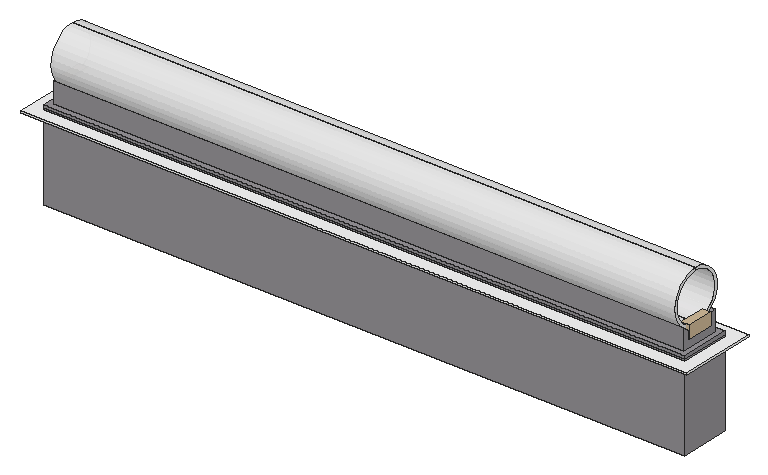
Revit family "Lighting_Fixture-Visa_Lighting-Voila_LED new", category Lighting Fixtures, host Face, Revit 2020
Family settings
  Host = Face
  Round Connector Dimension = Use Diameter
  Part Type = Normal
  OmniClass Number = 23.80.70.11
  OmniClass Title = Luminaries for Internal Lighting
  Cut with Voids When Loaded = No
  Light Source = Yes
  Shared = No
  Room Calculation Point = No
Parameters (values of type "Not a Type - Load Type Catalog")
  Width = 1' - 11 1/2"
  Wattage Comments = "25 W"
  Wattage = 25 W
  Warranty URL = "https://www.visalighting.com/company/warranty"
  built-in parameter 1150110 = 1 (stored number, unit not read)
  Voltage Comment = "120-277V, 50/60 Hz"  # constant formula
  Voltage = 120 V
  Version = "2020 – v1.0a"  # constant formula
  URL = "http://www.visalighting.com"
  built-in parameter 1114217 = 1 (stored number, unit not read)
  Tilt Angle = 180.00°  # constant formula
  built-in parameter 1150109 = 1 (stored number, unit not read)
  built-in parameter 1150134 = (empty or 0)
  built-in parameter 1150113 = 1 (stored number, unit not read)
  Recessed Depth = if(Constraints = 1, 0' 3 1/4", if(Constraints = 2, 0' 0", 0' 6"))  # 0' - 3 1/4"
  Product Page URL = "https://www.visalighting.com/products/indoor/ceiling/voila"
  Product Name = "Voila Wall"  # constant formula
  Product Documentation Link = "Please Load Accompanying Type Catalog (.txt)"
  Power Factor = 1  # constant formula
  Photometry Note = "Please load ies file listed under Photometric Web File for accurate rendering."  # constant formula
  Photometric Web File = "CV4167-L35K-L.ies"
  Phase = 1
  Number of Poles = 1
  Number of Lamps = 1  # constant formula
  Lens = Diffuser - VISA - Matte White
  Keynote = "26 51 00"
  Instruction Sheet Link = "Please Load Accompanying Type Catalog (.txt)"
  Depth = 0' - 2 5/8"
  Control = 0  # constant formula
  Constraints = 1
  C Mud Frame Size = 0' - 0 1/2"  # constant formula
  Mud Frame = if(Constraints = 1, 1 = 1, 1 = 0)  # yes
  Model = "Please Load Accompanying Type Catalog (.txt)"
  Material = ""
  Manufacturer Phone Number = "414-354-6600"  # constant formula
  Manufacturer Email = "https://www.visalighting.com/contact-visa-lighting"
  Manufacturer Address = "1717 W Civic Drive, Milwaukee, WI 53209"  # constant formula
  Manufacturer = "Visa Lighting"  # constant formula
  built-in parameter 1150105 = 87.535 (stored number, unit not read)
  Lumens = 1100 lm
  built-in parameter 1150115 = 1 (stored number, unit not read)
  built-in parameter 1150137 = (empty or 0)
  built-in parameter 1150139 = (empty or 0)
  built-in parameter 1150112 = 1 (stored number, unit not read)
  built-in parameter 1150114 = 1 (stored number, unit not read)
  Lamp = "LED"  # constant formula
  Junction Box Cover = if(Control = 0, 1 = 0, if(Control = 1, 1 = 1, 1 = 0))  # no
  built-in parameter 1150132 = 2
  built-in parameter 1150102 = (empty or 0)
  built-in parameter 1150107 = 3000 (stored number, unit not read)
  built-in parameter 1150138 = (empty or 0)
  built-in parameter 1150106 = 0.87535 (stored number, unit not read)
  Height = 0' - 2"  # constant formula
  Frequency = 60 Hz  # constant formula
  Finish [instance] = Metal - VISA - Pewter Alternative (PRA)
  built-in parameter 1150104 = 4.0877 (stored number, unit not read)
  Dimming Lamp Color Temperature Shift = <None>
  Description = "Please Load Accompanying Type Catalog (.txt)"
  Default Elevation = 0' - 0"  # constant formula
  Copyright = "© 2024. All rights reserved."  # constant formula
  Color Filter = 16777215
  C Radius = C Diameter / 2  # 0' - 1"
  C Diameter = 0' - 2"
  C Depth = if(Constraints = 1, 0' 3 213/256" + C Diameter, if(Constraints = 2, Depth, 0' 6"))  # 0' - 5 213/256"
  built-in parameter 1114218 = 1 (stored number, unit not read)
  built-in parameter 1150133 = 10 (stored number, unit not read)
  Assembly Code = "D5020200"
  Apparent Load = Wattage / Power Factor  # 25 VA
  Additional Mat Finishes [instance] = Metal - VISA - Brushed Bronze Alternative (BZA)
Reference planes (in)
  plane 1 "Center (Front/Back)": y = 0
  plane 2 "Origin Plane": z = 0
  plane 3 "Center (Left/Right)": x = 0
  plane 4 "Left": x = -11.75
  plane 5 "Right": x = 11.75
  plane 6 "Front": y = -1
  plane 7 "Back": y = 1
  plane 8 "Bottom": z = 0.58203
  plane 9: z = -3.25
  plane 10: z = 0
  plane 11: y = 0.9375
  plane 12: y = -0.9375
  plane 13: x = -12.0625
  plane 14: x = 12.0625
  plane 15: y = 1.4375
  plane 16: y = -1.4375
  plane 17: x = -12.5625
  plane 18: x = 12.5625
  plane 19: z = 1.58203
  plane 20: z = 2.58203
  plane 21: z = -0.0455
Forms (in)
  Extrusion 1, void
    sketch origin (-60.41868, -180, -3.25) x (0, -1, 0) y (-1, 0, 0)
      loop
        line (-180.9375, -48.35618) -> (-180.9375, -72.48118) -> (-179.0625, -72.48118) -> (-179.0625, -48.35618) -> (-180.9375, -48.35618)
    from 0 to -3.25
  Extrusion 2, solid, material "Metal - VISA - Pewter Alternative (PRA)" <- "Finish"
    sketch origin (-60.41868, -180, -3.25) x (-1, 0, 0) y (0, -1, 0)
      loop
        line (-48.35618, -180.9375) -> (-48.35618, -179.0625) -> (-72.48118, -179.0625) -> (-72.48118, -180.9375) -> (-48.35618, -180.9375)
    from 0 to 3.25
  Extrusion 3, solid, material "Aluminum - VISA - White", visible <- "Mud Frame"
    sketch origin (0, 0, 0) x (1, 0, 0) y (0, 1, 0)
      loop
        line (-12.5625, 1.4375) -> (-12.5625, -1.4375) -> (12.5625, -1.4375) -> (12.5625, 1.4375) -> (-12.5625, 1.4375)
    from -0.0455 to -0.125
  Extrusion 4, void
    sketch origin (-60.41868, -180, 0) x (0, -1, 0) y (-1, 0, 0)
      loop
        line (-181.4375, -47.85618) -> (-181.4375, -72.98118) -> (-178.5625, -72.98118) -> (-178.5625, -47.85618) -> (-181.4375, -47.85618)
    from 0 to 0.125
  Extrusion 5, solid, material "Metal - VISA - Pewter Alternative (PRA)" <- "Finish"
    sketch origin (-60.41868, -180, 0) x (-1, 0, 0) y (0, -1, 0)
      loop
        line (-48.35618, -180.9375) -> (-48.35618, -179.0625) -> (-72.48118, -179.0625) -> (-72.48118, -180.9375) -> (-48.35618, -180.9375)
    from 0 to 0.125
  Extrusion 6, solid, material "Metal - VISA - Pewter Alternative (PRA)" <- "Finish"
    sketch origin (-60.41868, -180, 0) x (-1, 0, 0) y (0, -1, 0)
      loop
        line (-48.56712, -179.27344) -> (-72.27025, -179.27344) -> (-72.27025, -180.72656) -> (-48.56712, -180.72656) -> (-48.56712, -179.27344)
    from 0.125 to 0.89522
  Extrusion 7, void
    sketch origin (0, 0, 0) x (0, 1, 0) y (0, 0, 1)
      loop
        circle (0, 1.58203) r 1
    from -11.85156 to 11.85156
  Revolve 8, solid, material "Diffuser - VISA - Matte White" <- "Lens"
    sketch origin (0, 0, 0) x (1, 0, 0) y (0, 0, 1)
      loop
        line (-11.75, 0.58203) -> (11.75, 0.58203) -> (11.75, 0.70674) -> (-11.75, 0.70674) -> (-11.75, 0.58203)
      axis (-11.75, 1.58203) -> (11.75, 1.58203)
    angle from 0 to 360
  Extrusion 9, solid, material "Metal - VISA - Brushed Bronze Alternative (BZA)" <- "Additional Mat Finishes"
    sketch origin (0, 0, 0.14033) x (1, 0, 0) y (0, 0, 1)
      loop
        line (11.58781, 0.77832) -> (11.58781, 0.72363) -> (11.75, 0.72363) -> (11.75, 0.57567) -> (11.85156, 0.57567) -> (11.85156, 0.29488) -> (11.90625, 0.29488) -> (11.90625, 0.77832) -> (11.58781, 0.77832)
      loop
        line (-11.58781, 0.77832) -> (-11.90625, 0.77832) -> (-11.90625, 0.29488) -> (-11.85156, 0.29488) -> (-11.85156, 0.57567) -> (-11.75, 0.57567) -> (-11.75, 0.72363) -> (-11.58781, 0.72363) -> (-11.58781, 0.77832)
    from -0.5 to 0.5
  Extrusion 10, solid, material "Metal - VISA - Pewter Alternative (PRA)" <- "Finish", visible <- "Junction Box Cover"
    sketch origin (-60.41868, -180, 0) x (-1, 0, 0) y (0, -1, 0)
      loop
        line (-58.41868, -182) -> (-58.41868, -180.9375) -> (-62.41868, -180.9375) -> (-62.41868, -182) -> (-58.41868, -182)
      loop
        line (-58.41868, -178) -> (-62.41868, -178) -> (-62.41868, -179.0625) -> (-58.41868, -179.0625) -> (-58.41868, -178)
    from 0 to 0.125
Cuts and joins
  Extrusion 7 cuts Extrusion 6
Dimensions and locks (in)
  equal spacing: plane 4 "Left", plane 3 "Center (Left/Right)", plane 5 "Right"
  equal spacing: plane 6 "Front", plane 1 "Center (Front/Back)", plane 7 "Back"
  "Height": plane 6 "Front" to plane 7 "Back"
  "Width": plane 4 "Left" to plane 5 "Right"
  "Recessed Depth": plane 2 "Origin Plane" to plane 9
  locked: plane 11 to plane 7 "Back" at 0.0625
  locked: plane 12 to plane 6 "Front" at 0.0625
  locked: plane 13 to plane 4 "Left" at 0.3125
  locked: plane 5 "Right" to plane 14 at 0.3125
  "C Mud Frame Size": plane 17 to plane 13
  "C Mud Frame Size": plane 14 to plane 18
  "C Mud Frame Size": plane 12 to plane 16
  "C Mud Frame Size": plane 15 to plane 11
  locked: Extrusion 5 to plane 10 at 0.125
  locked: plane 13 to Extrusion 6 sketch curve at 0.21094
  locked: Extrusion 6 sketch curve to plane 14 at 0.21094
  locked: Extrusion 6 sketch curve to plane 7 "Back" at 0.27344
  locked: Extrusion 6 sketch curve to plane 6 "Front" at 0.27344
  locked: Extrusion 7 sketch curve to plane 1 "Center (Front/Back)"
  locked: plane 19 to Extrusion 7 sketch curve at 0
  "C Radius": plane 19 to plane 8 "Bottom"
  Extrusion 9 sketch curve to plane 5 "Right" to Extrusion 9 sketch curve = 0' - 0.16219" locked, 0' - 0 5/32" locked
  Extrusion 9 sketch curve to Extrusion 9 sketch curve to Extrusion 9 sketch curve to plane 8 "Bottom" to Extrusion 9 sketch curve = 0' - 0 7/128" locked, 0' - 0.14796" locked, 0' - 0.13397" locked, 0' - 0.14682" locked  (x2)
  Extrusion 9 sketch curve to plane 4 "Left" to Extrusion 9 sketch curve = 0' - 0.16219" locked, 0' - 0 5/32" locked
  equal spacing: Extrusion 9, plane 1 "Center (Front/Back)", Extrusion 9, locked at 0.5 each
  plane 10 to Extrusion 3 to Extrusion 4 = 0' - 0 1/8" locked, 0' - 0" locked
  Extrusion 10 sketch curve to Extrusion 10 sketch curve to plane 3 "Center (Left/Right)" to Extrusion 10 sketch curve to Extrusion 10 sketch curve = 0' - 0" locked, 0' - 2" locked, 0' - 2" locked, 0' - 0" locked
  equal spacing: Extrusion 10 sketch curve, plane 1 "Center (Front/Back)", Extrusion 10 sketch curve, locked at 2 each
  locked: Extrusion 10 to plane 2 "Origin Plane" at 0.125
  "C Radius": plane 20 to plane 19
  "C Depth": plane 20 to plane 9
  locked: plane 8 "Bottom" to plane 10 at 0.58203
  locked: Revolve 8 sketch curve to plane 8 "Bottom" at 0.12471
  locked: plane 10 to plane 21 at 0.0455
  "C Radius": radius of Extrusion 7 sketch curve
  aligned and locked: plane 2 "Origin Plane" to host face
  aligned and locked: level to host face
  aligned and locked: Extrusion 1 sketch curve to plane 13
  aligned and locked: Extrusion 1 sketch curve to plane 11
  aligned and locked: Extrusion 1 sketch curve to plane 12
  aligned and locked: Extrusion 1 sketch curve to plane 14
  aligned and locked: plane 9 to Extrusion 1
  aligned and locked: plane 10 to Extrusion 1
  aligned and locked: Extrusion 2 to plane 9
  aligned and locked: plane 10 to Extrusion 2
  aligned and locked: Extrusion 3 sketch curve to plane 15
  aligned and locked: plane 17 to Extrusion 3 sketch curve
  aligned and locked: plane 16 to Extrusion 3 sketch curve
  aligned and locked: Extrusion 3 sketch curve to plane 18
  aligned and locked: Extrusion 4 sketch curve to plane 18
  aligned and locked: plane 17 to Extrusion 4 sketch curve
  aligned and locked: plane 16 to Extrusion 4 sketch curve
  aligned and locked: Extrusion 4 sketch curve to plane 15
  aligned and locked: plane 13 to Extrusion 5 sketch curve
  aligned and locked: plane 12 to Extrusion 5 sketch curve
  aligned and locked: Extrusion 5 sketch curve to plane 11
  aligned and locked: Extrusion 5 sketch curve to plane 14
  aligned and locked: Extrusion 6 to Extrusion 5
  aligned and locked: plane 5 "Right" to Revolve 8 sketch curve  (x2)
  aligned and locked: plane 4 "Left" to Revolve 8 sketch curve  (x2)
  aligned and locked: Extrusion 7 to Extrusion 6
  aligned and locked: Extrusion 6 to Extrusion 7
  aligned and locked: Extrusion 9 sketch curve to plane 5 "Right"
  aligned and locked: cut or joined group of Extrusion 6, Extrusion 7 to Extrusion 9 sketch curve
  aligned and locked: Extrusion 9 sketch curve to cut or joined group of Extrusion 6, Extrusion 7
  aligned and locked: plane 4 "Left" to Extrusion 9 sketch curve
  aligned and locked: plane 19 to imposter light
  aligned and locked: cut or joined group of Extrusion 6, Extrusion 7 to Extrusion 5
  aligned and locked: plane 4 "Left" to Revolve 8
  aligned and locked: Extrusion 2 sketch curve to plane 11
  aligned and locked: Extrusion 2 sketch curve to plane 12
  aligned and locked: Extrusion 2 sketch curve to plane 13
  aligned and locked: Extrusion 2 sketch curve to plane 14
  aligned and locked: plane 10 to Extrusion 4
  aligned and locked: Extrusion 10 sketch curve to plane 12
  aligned and locked: Extrusion 10 sketch curve to plane 11
  aligned and locked: Extrusion 10 to plane 2 "Origin Plane"
  aligned and locked: Revolve 8 sketch curve to plane 19
  aligned and locked: Revolve 8 sketch curve to plane 8 "Bottom"
  aligned and locked: imposter light to plane 1 "Center (Front/Back)"
  aligned and locked: imposter light to plane 3 "Center (Left/Right)"
  aligned and locked: plane 21 to Extrusion 3
Automatic sketch dimensions
  host sketch curve to host sketch curve = 8' - 0"  (x2)
  Extrusion 3 sketch curve to plane 18 = 0' - 0"
  plane 15 to Extrusion 10 sketch curve = 0' - 0 9/16"
Connectors (in)
  electrical at (0, 0, -3.25), driven by "Power Factor", driven by "Apparent Load", driven by "Voltage", driven by "Number of Poles", driven by "Apparent Load"
    settings: on Extrusion 2, index 1, voltage 120 V, apparent load 25 VA, apparent load phase1 25 VA, apparent load phase2 0 VA, apparent load phase3 0 VA, power factor 1, load classification "Lighting", number of poles 1, system type 30, power factor state 1, is connector primary yes, connector utility no, sub classification motor no, connector description "Electrical Connector"
